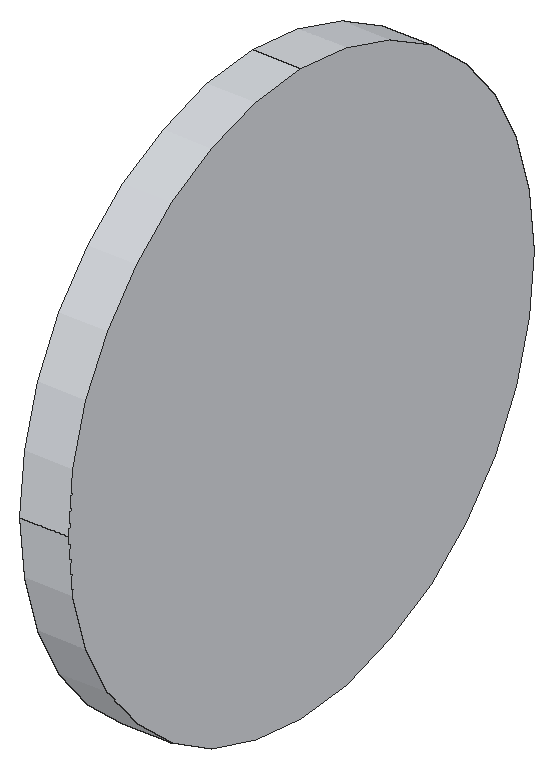
Revit family "M_Capa de extremidade redonda", category Conexões de duto, Revit 2019
Family settings
  Cota do conector redondo = Usar raio
  Tipo de parte = Cobertura
  Número OmniClass = 23.75.70.14
  Título OmniClass = Air Ductwork
  ID de item do Seek = Round Endcap-0000-CAN-ENU
  Com base no plano de trabalho = Não
  Sempre na vertical = Sim
  Corte com vazios quando carregada = Não
  Compartilhado = Não
Parameters (values of type "Padrão")
  built-in parameter 1114242 [instance] = (empty or 0)
  Raio do duto [instance] = 150 mm
  Comprimento do duto = 25 mm
Reference planes
  plane 1 "Centro (Frente/Trás)": y = 0
  plane 2: z = 0
  plane 3 "Centro (Esquerda/Direita)": x = 0
  plane 4: x = 25
  plane 5: x = 25.4
  plane 6: y = 150
  plane 7: y = -150
Forms (mm)
  Sweep 1, solid, detail levels medium+fine
    path in 3D
      loop
        line (0, 0, 0) -> (25, 0, 0)
    profile "M_Duto - Redondo : Duto - Redondo" origin (12.5, 0, 0) x (0, 1, 0) y (0, 0, 1)
      loop
        arc (-150, 0) -> (-106.066, -106.066) -> (0, -150) r 150
        arc (0, -150) -> (106.066, -106.066) -> (150, 0) r 150
        arc (150, 0) -> (106.066, 106.066) -> (0, 150) r 150
        arc (0, 150) -> (-106.066, 106.066) -> (-150, 0) r 150
Lines and regions (mm)
  reference lines
    curve 1: line (0, 0, 0) -> (25, 0, 0)
    curve 2: line (0, 0, 0) -> (25.4, 0, 0)
  sketch lines
    curve 3: line (0, 0, 0) -> (25, 0, 0)
  model lines, style "DuctFitting", detail levels coarse
    curve 4: line (0, 150, 0) -> (-101.6, 150, 0)
    curve 5: line (0, 150, 0) -> (0, -150, 0)
    curve 6: line (0, -150, 0) -> (-101.6, -150, 0)
Dimensions and locks
  "Comprimento do duto": plane 3 "Centro (Esquerda/Direita)" to plane 4
  "Raio do duto": plane 1 "Centro (Frente/Trás)" to plane 6
  "Raio do duto": plane 1 "Centro (Frente/Trás)" to plane 7
  aligned and locked: plane 4 to curve 1
  aligned and locked: plane 3 "Centro (Esquerda/Direita)" to curve 1
  aligned and locked: plane 3 "Centro (Esquerda/Direita)" to curve 2
  aligned and locked: plane 6 to curve 4
  aligned and locked: curve 5 to plane 3 "Centro (Esquerda/Direita)"
  aligned and locked: plane 7 to curve 6
  aligned and locked: plane 1 "Centro (Frente/Trás)" to curve 1
Automatic sketch dimensions
  curve 2 to plane 5 = 0 mm
  curve 6 to curve 6 = 101.6 mm
  curve 4 to curve 4 = 101.6 mm
  curve 2 to plane 1 "Centro (Frente/Trás)" = 0 mm
Connectors
  hvac at (0, 0, 0), driven by "Raio do duto"
    settings: on Sweep 1, index 1, duct flow 0.0 L/s, flow factor 0, pres drop 0.0 Pa, loss coef 0, conn angle 0.00°, conn width 304.8 mm, conn height 304.8 mm, conn diameter 300 mm, duct sys type 28, conn prof type 0, flow config 0, flow direction 0, loss method 0, conn ref index -1, conn util no, is conn primary yes, conn desc ""
